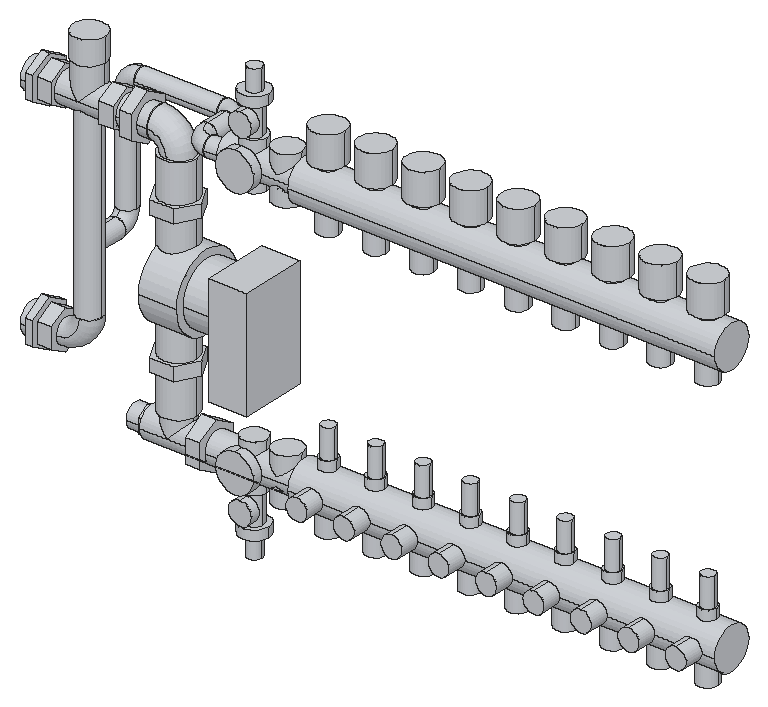
Revit family "318_5a24140bcc7f4765b1e0aee52cd06d", category Pipe Accessories, Revit 2017 (continued)
Dimensions and locks
  aligned and locked: plane 60 "215" to Extrusion 137 sketch curve
  aligned and locked: plane 48 "227" to Extrusion 138 sketch curve
  aligned and locked: plane 61 "214" to Extrusion 138 sketch curve
  aligned and locked: plane 48 "227" to Extrusion 139 sketch curve
  aligned and locked: plane 59 "216" to Extrusion 139 sketch curve
  aligned and locked: plane 48 "227" to Extrusion 140 sketch curve
  aligned and locked: plane 58 "217" to Extrusion 140 sketch curve
  aligned and locked: plane 48 "227" to Extrusion 141 sketch curve
  aligned and locked: plane 57 "218" to Extrusion 141 sketch curve
  aligned and locked: plane 48 "227" to Extrusion 142 sketch curve
  aligned and locked: plane 56 "219" to Extrusion 142 sketch curve
  aligned and locked: plane 48 "227" to Extrusion 143 sketch curve
  aligned and locked: plane 53 "222" to Extrusion 143 sketch curve
  aligned and locked: plane 48 "227" to Extrusion 144 sketch curve
  aligned and locked: plane 52 "223" to Extrusion 144 sketch curve
  aligned and locked: plane 48 "227" to Extrusion 145 sketch curve
  aligned and locked: plane 55 "220" to Extrusion 145 sketch curve
  aligned and locked: plane 48 "227" to Extrusion 146 sketch curve
  aligned and locked: plane 60 "215" to Extrusion 146 sketch curve
  aligned and locked: plane 48 "227" to Extrusion 147 sketch curve
  aligned and locked: plane 61 "214" to Extrusion 147 sketch curve
  aligned and locked: plane 48 "227" to Extrusion 148 sketch curve
  aligned and locked: plane 59 "216" to Extrusion 148 sketch curve
  aligned and locked: plane 48 "227" to Extrusion 149 sketch curve
  aligned and locked: plane 58 "217" to Extrusion 149 sketch curve
  aligned and locked: plane 48 "227" to Extrusion 150 sketch curve
  aligned and locked: plane 57 "218" to Extrusion 150 sketch curve
  aligned and locked: plane 48 "227" to Extrusion 151 sketch curve
  aligned and locked: plane 56 "219" to Extrusion 151 sketch curve
  aligned and locked: plane 48 "227" to Extrusion 152 sketch curve
  aligned and locked: plane 55 "220" to Extrusion 152 sketch curve
  aligned and locked: Extrusion 153 sketch curve to plane 48 "227"
  aligned and locked: plane 50 "225" to Extrusion 153 sketch curve
  aligned and locked: plane 33 "242" to Extrusion 154 sketch curve
  aligned and locked: Extrusion 154 sketch curve to plane 48 "227"
  aligned and locked: plane 48 "227" to Extrusion 155 sketch curve
  aligned and locked: plane 52 "223" to Extrusion 155 sketch curve
  aligned and locked: plane 48 "227" to Extrusion 156 sketch curve
  aligned and locked: plane 53 "222" to Extrusion 156 sketch curve
Automatic sketch dimensions
  plane 36 "239" to Extrusion 1 sketch curve = 1 mm
  Revolve 2 sketch curve to plane 7 "629" = 0 mm
  Revolve 2 sketch curve to level = 0 mm
  level to Revolve 2 sketch curve = 10 mm
  Revolve 2 sketch curve to plane 28 "247" = 7 mm
  plane 12 "614" to Extrusion 3 sketch curve = 5 mm
  Revolve 4 sketch curve to level = 0 mm
  plane 15 "606" to Revolve 4 sketch curve = 5 mm
  Revolve 4 sketch curve to plane 28 "247" = 7 mm
  plane 15 "606" to Extrusion 5 sketch curve = 5 mm
  Revolve 6 sketch curve to Revolve 6 sketch curve = 10 mm
  plane 4 "INIT_TEMP" to Revolve 6 sketch curve = 1015 mm
  Revolve 6 sketch curve to Revolve 6 sketch curve = 85 mm
  Extrusion 7 sketch curve to plane 72 "203" = 10 mm
  Revolve 8 sketch curve to plane 14 "607" = 0 mm
  Revolve 8 sketch curve to plane 23 "252" = 8.5 mm
  Revolve 8 sketch curve to plane 3 "Center (Left/Right)" = 885 mm
  Revolve 8 sketch curve to Revolve 8 sketch curve = 75 mm
  Extrusion 9 sketch curve to plane 23 "252" = 8.5 mm
  Revolve 10 sketch curve to plane 36 "239" = 0 mm
  Revolve 10 sketch curve to plane 44 "231" = 0 mm
  plane 4 "INIT_TEMP" to Revolve 10 sketch curve = 1120 mm
  Revolve 10 sketch curve to Revolve 10 sketch curve = 100 mm
  Extrusion 11 sketch curve to plane 1 "Center (Front/Back)" = 0 mm  (x2)
  Extrusion 11 sketch curve to plane 30 "245" = 0 mm
  plane 54 "221" to Extrusion 11 sketch curve = 0.349 mm
  plane 6 "630" to Extrusion 11 sketch curve = 11.651 mm
  Extrusion 11 sketch curve to plane 51 "224" = 9.5 mm  (x2)
  plane 12 "614" to Extrusion 11 sketch curve = 2.5 mm  (x2)
  Extrusion 11 sketch curve to plane 44 "231" = 4 mm
  Extrusion 12 sketch curve to plane 36 "239" = 0 mm
  plane 75 "200" to Extrusion 13 sketch curve = 8 mm
  Extrusion 14 sketch curve to plane 15 "606" = 0 mm
  Extrusion 14 sketch curve to plane 54 "221" = 13 mm
  plane 41 "234" to Extrusion 14 sketch curve = 3.5 mm
  plane 14 "607" to Extrusion 14 sketch curve = 21.5 mm
  Extrusion 15 sketch curve to plane 54 "221" = 10.5 mm
  Extrusion 16 sketch curve to plane 54 "221" = 18 mm
  plane 18 "595" to Extrusion 17 sketch curve = 2 mm
  plane 75 "200" to Extrusion 18 sketch curve = 9 mm
  Extrusion 19 sketch curve to level = 0 mm
  plane 44 "231" to Extrusion 19 sketch curve = 1 mm
  Extrusion 20 sketch curve to plane 31 "244" = 9 mm
  plane 21 "254" to Extrusion 21 sketch curve = 5 mm
  Extrusion 22 sketch curve to plane 31 "244" = 7.5 mm
  plane 66 "209" to Extrusion 23 sketch curve = 2 mm
  plane 21 "254" to Extrusion 24 sketch curve = 7 mm
  plane 65 "210" to Extrusion 25 sketch curve = 5 mm
  plane 40 "235" to Extrusion 26 sketch curve = 4 mm
  Extrusion 27 sketch curve to plane 31 "244" = 7.5 mm
  plane 21 "254" to Extrusion 28 sketch curve = 5 mm
  Extrusion 29 sketch curve to plane 31 "244" = 9 mm
  plane 18 "595" to Extrusion 30 sketch curve = 2 mm
  plane 34 "241" to Extrusion 31 sketch curve = 1 mm
  plane 1 "Center (Front/Back)" to Extrusion 32 sketch curve = 0 mm  (x2)
  plane 32 "243" to Extrusion 32 sketch curve = 3 mm
  Extrusion 32 sketch curve to plane 24 "251" = 2.5 mm  (x2)
  plane 54 "221" to Extrusion 32 sketch curve = 0.349 mm
  plane 9 "621" to Extrusion 32 sketch curve = 4.5 mm  (x2)
  plane 8 "626" to Extrusion 32 sketch curve = 2 mm
  plane 6 "630" to Extrusion 32 sketch curve = 11.651 mm
  plane 1 "Center (Front/Back)" to Extrusion 33 sketch curve = 0 mm  (x2)
  plane 32 "243" to Extrusion 33 sketch curve = 3 mm
  plane 54 "221" to Extrusion 33 sketch curve = 0.349 mm
  Extrusion 33 sketch curve to plane 24 "251" = 2.5 mm  (x2)
  plane 9 "621" to Extrusion 33 sketch curve = 4.5 mm  (x2)
  plane 8 "626" to Extrusion 33 sketch curve = 2 mm
  plane 6 "630" to Extrusion 33 sketch curve = 11.651 mm
  plane 18 "595" to Extrusion 34 sketch curve = 2 mm
  plane 36 "239" to Extrusion 35 sketch curve = 3.5 mm
  Extrusion 36 sketch curve to plane 1 "Center (Front/Back)" = 0 mm  (x2)
  plane 36 "239" to Extrusion 36 sketch curve = 3.01 mm
  plane 6 "630" to Extrusion 36 sketch curve = 2.99 mm
  plane 65 "210" to Extrusion 36 sketch curve = 10 mm
  Extrusion 36 sketch curve to plane 49 "226" = 7.5 mm  (x2)
  plane 49 "226" to Extrusion 36 sketch curve = 7.5 mm  (x2)
  Extrusion 36 sketch curve to plane 42 "233" = 6 mm
  Extrusion 37 sketch curve to plane 1 "Center (Front/Back)" = 0 mm  (x2)
  Extrusion 37 sketch curve to plane 30 "245" = 0 mm
  plane 54 "221" to Extrusion 37 sketch curve = 0.349 mm
  plane 6 "630" to Extrusion 37 sketch curve = 11.651 mm
  Extrusion 37 sketch curve to plane 51 "224" = 9.5 mm  (x2)
  plane 12 "614" to Extrusion 37 sketch curve = 2.5 mm  (x2)
  Extrusion 37 sketch curve to plane 44 "231" = 4 mm
  Extrusion 38 sketch curve to plane 36 "239" = 0 mm
  Extrusion 39 sketch curve to plane 1 "Center (Front/Back)" = 0 mm  (x2)
  Extrusion 39 sketch curve to plane 65 "210" = 0 mm
  Extrusion 39 sketch curve to plane 71 "204" = 0 mm
  plane 54 "221" to Extrusion 39 sketch curve = 0.349 mm
  plane 6 "630" to Extrusion 39 sketch curve = 11.651 mm
  Extrusion 39 sketch curve to plane 49 "226" = 12.5 mm  (x2)
  Extrusion 39 sketch curve to plane 42 "233" = 8.5 mm  (x2)
  Extrusion 40 sketch curve to plane 36 "239" = 0 mm
  Extrusion 127 sketch curve to plane 70 "205" = 15 mm
  plane 21 "254" to Extrusion 128 sketch curve = 7 mm
  Extrusion 129 sketch curve to plane 70 "205" = 15 mm
  Extrusion 130 sketch curve to plane 1 "Center (Front/Back)" = 0 mm  (x2)
  Extrusion 130 sketch curve to plane 44 "231" = 0 mm
  Extrusion 130 sketch curve to plane 36 "239" = 2.187 mm
  plane 6 "630" to Extrusion 130 sketch curve = 8.187 mm
  plane 12 "614" to Extrusion 130 sketch curve = 4.5 mm  (x2)
  level to Extrusion 130 sketch curve = 10.5 mm  (x2)
  Extrusion 130 sketch curve to plane 51 "224" = 1 mm
  plane 75 "200" to Extrusion 131 sketch curve = 12 mm
  Extrusion 132 sketch curve to plane 1 "Center (Front/Back)" = 0 mm  (x2)
  Extrusion 132 sketch curve to plane 44 "231" = 0 mm
  Extrusion 132 sketch curve to plane 36 "239" = 2.187 mm
  plane 6 "630" to Extrusion 132 sketch curve = 8.187 mm
  plane 12 "614" to Extrusion 132 sketch curve = 4.5 mm  (x2)
  level to Extrusion 132 sketch curve = 10.5 mm  (x2)
  Extrusion 132 sketch curve to plane 51 "224" = 1 mm
  Extrusion 133 sketch curve to plane 1 "Center (Front/Back)" = 0 mm  (x2)
  Extrusion 133 sketch curve to plane 25 "250" = 0 mm
  Extrusion 133 sketch curve to plane 36 "239" = 2.187 mm
  plane 41 "234" to Extrusion 133 sketch curve = 3.5 mm  (x2)
  plane 6 "630" to Extrusion 133 sketch curve = 8.187 mm
  Extrusion 133 sketch curve to plane 33 "242" = 10.5 mm  (x2)
  plane 67 "208" to Extrusion 133 sketch curve = 1 mm
  Extrusion 134 sketch curve to plane 36 "239" = 0 mm
  Revolve 135 sketch curve to plane 76 "199" = 0 mm
  plane 36 "239" to Revolve 135 sketch curve = 3 mm
  plane 4 "INIT_TEMP" to Revolve 135 sketch curve = 825 mm
  Revolve 135 sketch curve to Revolve 135 sketch curve = 100 mm
  Extrusion 136 sketch curve to plane 1 "Center (Front/Back)" = 0 mm  (x2)
  Extrusion 136 sketch curve to plane 76 "199" = 0 mm
  plane 54 "221" to Extrusion 136 sketch curve = 0.349 mm
  plane 41 "234" to Extrusion 136 sketch curve = 5.5 mm  (x2)
  plane 6 "630" to Extrusion 136 sketch curve = 11.651 mm
  plane 67 "208" to Extrusion 136 sketch curve = 9.5 mm  (x2)
  Extrusion 136 sketch curve to plane 67 "208" = 3 mm
  Extrusion 137 sketch curve to plane 6 "630" = 0 mm
  Extrusion 138 sketch curve to plane 6 "630" = 0 mm
  Extrusion 139 sketch curve to plane 6 "630" = 0 mm
  Extrusion 140 sketch curve to plane 6 "630" = 0 mm
  Extrusion 141 sketch curve to plane 6 "630" = 0 mm
  Extrusion 142 sketch curve to plane 6 "630" = 0 mm
  Extrusion 143 sketch curve to plane 6 "630" = 0 mm
  Extrusion 144 sketch curve to plane 6 "630" = 0 mm
  Extrusion 145 sketch curve to plane 6 "630" = 0 mm
  Extrusion 146 sketch curve to plane 6 "630" = 0 mm
  Extrusion 147 sketch curve to plane 6 "630" = 0 mm
  Extrusion 148 sketch curve to plane 6 "630" = 0 mm
  Extrusion 149 sketch curve to plane 6 "630" = 0 mm
  Extrusion 150 sketch curve to plane 6 "630" = 0 mm
  Extrusion 151 sketch curve to plane 6 "630" = 0 mm
  Extrusion 152 sketch curve to plane 6 "630" = 0 mm
  Extrusion 153 sketch curve to plane 6 "630" = 0 mm
  Extrusion 154 sketch curve to plane 6 "630" = 0 mm
  Extrusion 155 sketch curve to plane 6 "630" = 0 mm
  Extrusion 156 sketch curve to plane 6 "630" = 0 mm
Connectors
  piping at (0, 0, 0), diameter 25, driven by "Flow supply main", driven by "SMP"
    settings: on Extrusion 153, index 1, connector inside diameter 609.6 mm, connector length 0 mm, flow factor 0, pipe flow 0.0 L/s, pressure drop 0.0 Pa, fitting loss kfactor 0, connector angle 0.00°, fixture units 0, engagement length 0 mm, angle of deflection 0.00°, flow configuration 1, flow direction 1, fitting loss method 0, system type 7, joint type 0, gender type 0, connector reference index -1, connector utility 0, adjustable connector no, is connector primary yes, connector description "Main_1_1"
  piping at (312, 0, -325), diameter 18, driven by "Flow supply 1", driven by "SBP1"
    settings: on Extrusion 155, index 2, connector inside diameter 609.6 mm, connector length 0 mm, flow factor 0, pipe flow 0.0 L/s, pressure drop 0.0 Pa, fitting loss kfactor 0, connector angle 0.00°, fixture units 0, engagement length 0 mm, angle of deflection 0.00°, flow configuration 0, flow direction 2, fitting loss method 0, system type 7, joint type 0, gender type 0, connector reference index -1, connector utility 0, adjustable connector no, is connector primary no, connector description "Branch_1_1"
  piping at (362, 0, -325), diameter 18, driven by "Flow supply 2", driven by "SBP2"
    settings: on Extrusion 156, index 3, connector inside diameter 609.6 mm, connector length 0 mm, flow factor 0, pipe flow 0.0 L/s, pressure drop 0.0 Pa, fitting loss kfactor 0, connector angle 0.00°, fixture units 0, engagement length 0 mm, angle of deflection 0.00°, flow configuration 0, flow direction 2, fitting loss method 0, system type 7, joint type 0, gender type 0, connector reference index -1, connector utility 0, adjustable connector no, is connector primary no, connector description "Branch_1_2"
  piping at (412, 0, -325), diameter 18, driven by "Flow supply 3", driven by "SBP3"
    settings: on Extrusion 152, index 4, connector inside diameter 609.6 mm, connector length 0 mm, flow factor 0, pipe flow 0.0 L/s, pressure drop 0.0 Pa, fitting loss kfactor 0, connector angle 0.00°, fixture units 0, engagement length 0 mm, angle of deflection 0.00°, flow configuration 0, flow direction 2, fitting loss method 0, system type 7, joint type 0, gender type 0, connector reference index -1, connector utility 0, adjustable connector no, is connector primary no, connector description "Branch_1_3"
  piping at (462, 0, -325), diameter 18, driven by "Flow supply 4", driven by "SBP4"
    settings: on Extrusion 151, index 5, connector inside diameter 609.6 mm, connector length 0 mm, flow factor 0, pipe flow 0.0 L/s, pressure drop 0.0 Pa, fitting loss kfactor 0, connector angle 0.00°, fixture units 0, engagement length 0 mm, angle of deflection 0.00°, flow configuration 0, flow direction 2, fitting loss method 0, system type 7, joint type 0, gender type 0, connector reference index -1, connector utility 0, adjustable connector no, is connector primary no, connector description "Branch_1_4"
  piping at (512, 0, -325), diameter 18, driven by "Flow supply 5", driven by "SBP5"
    settings: on Extrusion 150, index 6, connector inside diameter 609.6 mm, connector length 0 mm, flow factor 0, pipe flow 0.0 L/s, pressure drop 0.0 Pa, fitting loss kfactor 0, connector angle 0.00°, fixture units 0, engagement length 0 mm, angle of deflection 0.00°, flow configuration 0, flow direction 2, fitting loss method 0, system type 7, joint type 0, gender type 0, connector reference index -1, connector utility 0, adjustable connector no, is connector primary no, connector description "Branch_1_5"
  piping at (562, 0, -325), diameter 18, driven by "Flow supply 6", driven by "SBP6"
    settings: on Extrusion 149, index 7, connector inside diameter 609.6 mm, connector length 0 mm, flow factor 0, pipe flow 0.0 L/s, pressure drop 0.0 Pa, fitting loss kfactor 0, connector angle 0.00°, fixture units 0, engagement length 0 mm, angle of deflection 0.00°, flow configuration 0, flow direction 2, fitting loss method 0, system type 7, joint type 0, gender type 0, connector reference index -1, connector utility 0, adjustable connector no, is connector primary no, connector description "Branch_1_6"
  piping at (612, 0, -325), diameter 18, driven by "Flow supply 7", driven by "SBP7"
    settings: on Extrusion 148, index 8, connector inside diameter 609.6 mm, connector length 0 mm, flow factor 0, pipe flow 0.0 L/s, pressure drop 0.0 Pa, fitting loss kfactor 0, connector angle 0.00°, fixture units 0, engagement length 0 mm, angle of deflection 0.00°, flow configuration 0, flow direction 2, fitting loss method 0, system type 7, joint type 0, gender type 0, connector reference index -1, connector utility 0, adjustable connector no, is connector primary no, connector description "Branch_1_7"
  piping at (662, 0, -325), diameter 18, driven by "Flow supply 8", driven by "SBP8"
    settings: on Extrusion 146, index 9, connector inside diameter 609.6 mm, connector length 0 mm, flow factor 0, pipe flow 0.0 L/s, pressure drop 0.0 Pa, fitting loss kfactor 0, connector angle 0.00°, fixture units 0, engagement length 0 mm, angle of deflection 0.00°, flow configuration 0, flow direction 2, fitting loss method 0, system type 7, joint type 0, gender type 0, connector reference index -1, connector utility 0, adjustable connector no, is connector primary no, connector description "Branch_1_8"
  piping at (712, 0, -325), diameter 18, driven by "Flow supply 9", driven by "SBP9"
    settings: on Extrusion 147, index 10, connector inside diameter 609.6 mm, connector length 0 mm, flow factor 0, pipe flow 0.0 L/s, pressure drop 0.0 Pa, fitting loss kfactor 0, connector angle 0.00°, fixture units 0, engagement length 0 mm, angle of deflection 0.00°, flow configuration 0, flow direction 2, fitting loss method 0, system type 7, joint type 0, gender type 0, connector reference index -1, connector utility 0, adjustable connector no, is connector primary no, connector description "Branch_1_9"
  piping at (0, 0, -231), diameter 25, driven by "Flow return main", driven by "RMP"
    settings: on Extrusion 154, index 11, connector inside diameter 609.6 mm, connector length 0 mm, flow factor 0, pipe flow 0.0 L/s, pressure drop 0.0 Pa, fitting loss kfactor 0, connector angle 0.00°, fixture units 0, engagement length 0 mm, angle of deflection 0.00°, flow configuration 1, flow direction 2, fitting loss method 0, system type 8, joint type 0, gender type 0, connector reference index -1, connector utility 0, adjustable connector no, is connector primary no, connector description "Main_2_1"
  piping at (312, 0, -40), diameter 18, driven by "Flow return 1", driven by "RBP1"
    settings: on Extrusion 144, index 12, connector inside diameter 609.6 mm, connector length 0 mm, flow factor 0, pipe flow 0.0 L/s, pressure drop 0.0 Pa, fitting loss kfactor 0, connector angle 0.00°, fixture units 0, engagement length 0 mm, angle of deflection 0.00°, flow configuration 0, flow direction 1, fitting loss method 0, system type 8, joint type 0, gender type 0, connector reference index -1, connector utility 0, adjustable connector no, is connector primary no, connector description "Branch_2_1"
  piping at (362, 0, -40), diameter 18, driven by "Flow return 2", driven by "RBP2"
    settings: on Extrusion 143, index 13, connector inside diameter 609.6 mm, connector length 0 mm, flow factor 0, pipe flow 0.0 L/s, pressure drop 0.0 Pa, fitting loss kfactor 0, connector angle 0.00°, fixture units 0, engagement length 0 mm, angle of deflection 0.00°, flow configuration 0, flow direction 1, fitting loss method 0, system type 8, joint type 0, gender type 0, connector reference index -1, connector utility 0, adjustable connector no, is connector primary no, connector description "Branch_2_2"
  piping at (412, 0, -40), diameter 18, driven by "Flow return 3", driven by "RBP3"
    settings: on Extrusion 145, index 14, connector inside diameter 609.6 mm, connector length 0 mm, flow factor 0, pipe flow 0.0 L/s, pressure drop 0.0 Pa, fitting loss kfactor 0, connector angle 0.00°, fixture units 0, engagement length 0 mm, angle of deflection 0.00°, flow configuration 0, flow direction 1, fitting loss method 0, system type 8, joint type 0, gender type 0, connector reference index -1, connector utility 0, adjustable connector no, is connector primary no, connector description "Branch_2_3"
  piping at (462, 0, -40), diameter 18, driven by "Flow return 4", driven by "RBP4"
    settings: on Extrusion 142, index 15, connector inside diameter 609.6 mm, connector length 0 mm, flow factor 0, pipe flow 0.0 L/s, pressure drop 0.0 Pa, fitting loss kfactor 0, connector angle 0.00°, fixture units 0, engagement length 0 mm, angle of deflection 0.00°, flow configuration 0, flow direction 1, fitting loss method 0, system type 8, joint type 0, gender type 0, connector reference index -1, connector utility 0, adjustable connector no, is connector primary no, connector description "Branch_2_4"
  piping at (512, 0, -40), diameter 18, driven by "Flow return 5", driven by "RBP5"
    settings: on Extrusion 141, index 16, connector inside diameter 609.6 mm, connector length 0 mm, flow factor 0, pipe flow 0.0 L/s, pressure drop 0.0 Pa, fitting loss kfactor 0, connector angle 0.00°, fixture units 0, engagement length 0 mm, angle of deflection 0.00°, flow configuration 0, flow direction 1, fitting loss method 0, system type 8, joint type 0, gender type 0, connector reference index -1, connector utility 0, adjustable connector no, is connector primary no, connector description "Branch_2_5"
  piping at (562, 0, -40), diameter 18, driven by "Flow return 6", driven by "RBP6"
    settings: on Extrusion 140, index 17, connector inside diameter 609.6 mm, connector length 0 mm, flow factor 0, pipe flow 0.0 L/s, pressure drop 0.0 Pa, fitting loss kfactor 0, connector angle 0.00°, fixture units 0, engagement length 0 mm, angle of deflection 0.00°, flow configuration 0, flow direction 1, fitting loss method 0, system type 8, joint type 0, gender type 0, connector reference index -1, connector utility 0, adjustable connector no, is connector primary no, connector description "Branch_2_6"
  piping at (612, 0, -40), diameter 18, driven by "Flow return 7", driven by "RBP7"
    settings: on Extrusion 139, index 18, connector inside diameter 609.6 mm, connector length 0 mm, flow factor 0, pipe flow 0.0 L/s, pressure drop 0.0 Pa, fitting loss kfactor 0, connector angle 0.00°, fixture units 0, engagement length 0 mm, angle of deflection 0.00°, flow configuration 0, flow direction 1, fitting loss method 0, system type 8, joint type 0, gender type 0, connector reference index -1, connector utility 0, adjustable connector no, is connector primary no, connector description "Branch_2_7"
  piping at (662, 0, -40), diameter 18, driven by "Flow return 8", driven by "RBP8"
    settings: on Extrusion 137, index 19, connector inside diameter 609.6 mm, connector length 0 mm, flow factor 0, pipe flow 0.0 L/s, pressure drop 0.0 Pa, fitting loss kfactor 0, connector angle 0.00°, fixture units 0, engagement length 0 mm, angle of deflection 0.00°, flow configuration 0, flow direction 1, fitting loss method 0, system type 8, joint type 0, gender type 0, connector reference index -1, connector utility 0, adjustable connector no, is connector primary no, connector description "Branch_2_8"
  piping at (712, 0, -40), diameter 18, driven by "Flow return 9", driven by "RBP9"
    settings: on Extrusion 138, index 20, connector inside diameter 609.6 mm, connector length 0 mm, flow factor 0, pipe flow 0.0 L/s, pressure drop 0.0 Pa, fitting loss kfactor 0, connector angle 0.00°, fixture units 0, engagement length 0 mm, angle of deflection 0.00°, flow configuration 0, flow direction 1, fitting loss method 0, system type 8, joint type 0, gender type 0, connector reference index -1, connector utility 0, adjustable connector no, is connector primary no, connector description "Branch_2_9"
